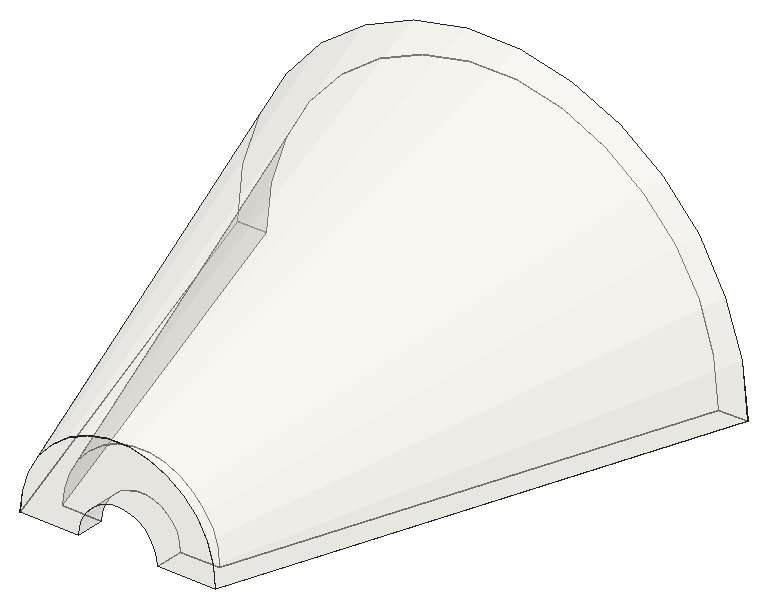
Revit family "5ad788f4fc7a4e0e8da13a5a2ed35cfb", category Lighting Fixtures, host Face, Revit 2021
Family settings
  Host = Face
  Round Connector Dimension = Use Diameter
  Part Type = Normal
  OmniClass Number = 23.80.70.11.14.14
  OmniClass Title = Uplights
  Seek Item ID = Sconce Light - Uplight-0000-USA-ENU
  Cut with Voids When Loaded = No
  Light Source = Yes
  Shared = No
  Room Calculation Point = No
Parameters (values of type "100W - 120V")
  Wattage = 100 W
  built-in parameter 1150110 = 1 (stored number, unit not read)
  built-in parameter 1150109 = 1 (stored number, unit not read)
  built-in parameter 1150134 = 4
  built-in parameter 1150113 = 1 (stored number, unit not read)
  Tilt Angle = 90.00°
  Shade Material = Glass, Frosted
  Photometric Web File = "TLAE1A21.ies"
  Lumens = 1200 lm
  built-in parameter 1114217 = 1 (stored number, unit not read)
  built-in parameter 1150115 = 1 (stored number, unit not read)
  built-in parameter 1150105 = 95.493 (stored number, unit not read)
  Load Classification = Lighting - Dwelling Unit
  built-in parameter 1150137 = 1
  built-in parameter 1150139 = (empty or 0)
  built-in parameter 1150112 = 1 (stored number, unit not read)
  built-in parameter 1150114 = 1 (stored number, unit not read)
  Lamp = "R-30"
  built-in parameter 1150132 = (empty or 0)
  built-in parameter 1150102 = (empty or 0)
  built-in parameter 1150138 = (empty or 0)
  built-in parameter 1150107 = 2800 (stored number, unit not read)
  built-in parameter 1150106 = 0.95493 (stored number, unit not read)
  built-in parameter 1150104 = 1.1148 (stored number, unit not read)
  Dimming Lamp Color Temperature Shift = <None>
  Default Elevation = 6' - 4"
  Color Filter = 16777215
  built-in parameter 1140040 [instance] = 1
  Ballast Voltage = 120 V
  Ballast Number of Poles = 1
  built-in parameter 1114218 = 1 (stored number, unit not read)
  built-in parameter 1150133 = 10 (stored number, unit not read)
  Assembly Code = "D5020220"
  Apparent Load = 100 VA
Types (4): name | Wattage | Photometric Web File | Lumens | built-in parameter 1150105 | Lamp | built-in parameter 1150106 | built-in parameter 1150104 | Ballast Voltage | Apparent Load
  60W - 120V | 60 W | "TLAE1A19.ies" | 855 lm | 68.039 (stored number, unit not read) | "A-19" | 0.68039 (stored number, unit not read) | 1.3239 (stored number, unit not read) | 120 V | 60 VA
  60W - 277V | 60 W | "TLAE1A19.ies" | 855 lm | 68.039 (stored number, unit not read) | "A-19" | 0.68039 (stored number, unit not read) | 1.3239 (stored number, unit not read) | 277 V | 60 VA
  100W - 120V | 100 W | "TLAE1A21.ies" | 1200 lm | 95.493 (stored number, unit not read) | "R-30" | 0.95493 (stored number, unit not read) | 1.1148 (stored number, unit not read) | 120 V | 100 VA
  100W - 277V | 100 W | "TLAE1A21.ies" | 1200 lm | 95.493 (stored number, unit not read) | "R-30" | 0.95493 (stored number, unit not read) | 1.1148 (stored number, unit not read) | 277 V | 100 VA
Reference planes (in)
  plane 1 "Center (Front/Back)": y = 0
  plane 2: z = 0
  plane 3 "Center (Left/Right)": x = 0
  plane 4: y = 8
  plane 5 "Bottom": y = -8
  plane 6: y = -7
  plane 7: x = -3.34375
  plane 8: x = -2.6875
  plane 9: x = -8.71875
  plane 10: x = -7.71875
  plane 11: z = 1
  plane 12: x = -1.34375
  plane 13: z = 2.5
Forms (in)
  Revolve 1, solid, material "Glass, Frosted" <- "Shade Material"
    sketch origin (0, 0, 0) x (1, 0, 0) y (0, 1, 0)
      loop
        line (-1.34375, -8) -> (-1.34375, -7) -> (-2.67969, -7) -> (-7.71875, 8) -> (-8.71875, 8) -> (-3.34375, -8) -> (-1.34375, -8)
      axis (0, 8) -> (0, -8)
    angle from 180 to 360
Lines and regions (in)
  symbolic lines
    curve 1: arc (-8.71875, 8, 0) -> (0, 8, 8.71875) -> (8.71875, 8, 0) r 8.71875
    curve 2: arc (-7.71875, 8, 0) -> (0, 8, 7.71875) -> (7.71875, 8, 0) r 7.71875
    curve 3: arc (3.34375, 8, 0) -> (0, 8, 3.34375) -> (-3.34375, 8, 0) r 3.34375
    curve 4: line (-8.71875, 8, 0) -> (8.71875, 8, 0)
Dimensions and locks (in)
  locked: plane 12 to plane 3 "Center (Left/Right)" at 1.34375
  locked: plane 13 to plane 2 at 2.5
  aligned and locked: plane 2 to host face
  aligned and locked: level to host face
  aligned and locked: Revolve 1 sketch curve to plane 3 "Center (Left/Right)"
  aligned and locked: Revolve 1 sketch curve to plane 4
  aligned and locked: Revolve 1 sketch curve to plane 5 "Bottom"
  aligned and locked: Revolve 1 sketch curve to plane 6
  aligned and locked: plane 3 "Center (Left/Right)" to imposter light
  aligned and locked: imposter light to plane 13
  aligned and locked: plane 1 "Center (Front/Back)" to imposter light
Connectors (in)
  electrical at (0, -8, 0), driven by "Apparent Load", driven by "Ballast Voltage", driven by "Ballast Number of Poles", driven by "Load Classification"
    settings: on Revolve 1, index 1, voltage 120 V, apparent load 0 VA, apparent load phase1 100 VA, apparent load phase2 0 VA, apparent load phase3 0 VA, power factor 0.95, load classification "Lighting - Dwelling Unit", number of poles 1, system type 31, power factor state 1, is connector primary yes, connector utility no, sub classification motor no, connector description ""
